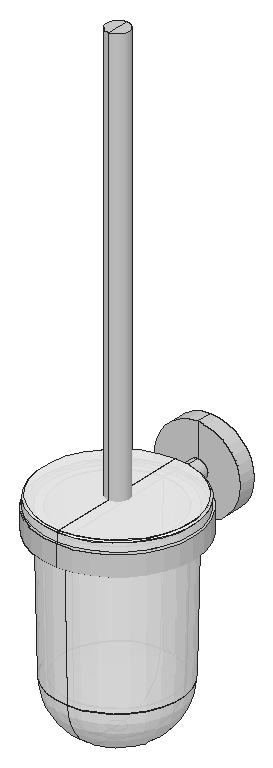
Revit family "Reece_Accessory_GROHE_Essentials_Toilet Brush and Holder", category Plumbing Fixtures, host Face, Revit 2018
Family settings
  Host = Face
  Round Connector Dimension = Use Diameter
  Part Type = Normal
  Cut with Voids When Loaded = Yes
  Shared = Yes
  Room Calculation Point = Yes
Parameters (values of type "Chrome_Glass")
  URL = "https://www.reece.com.au/product/-9506965"
  Type Comments = "Accessory"
  Reece_Product_Web Page = "https://www.reece.com.au/product/-9506965"
  Reece_Product_Type = "Accessory"  # constant formula
  Reece_Product_Sub Brand = "Essentials"  # constant formula
  Reece_Product_Number = "9506965"
  Reece_Product_Mount = "Wall Mounted"
  Reece_Product_Description = "GROHE Essentials Accessories Toilet Brush Holder Set"
  Reece_Product_Brand = "GROHE"  # constant formula
  Reece_Overall_Width = 96 mm  # constant formula
  Reece_Overall_Height = 398 mm  # constant formula
  Reece_Material_Secondary = Reece_Safety Glass_Opaque
  Reece_Material_Main = Reece_Brass_Chrome
  Reece_Height_From_Level [instance] = 200 mm
  Reece_Detail_Shape = ""
  Reece_Detail_Installation = ""
  Reece_Detail_Disclaimer = "THIS FILE IS THE PROPERTY OF THE REECE GROUP. IT MAY NOT BE REPRODUCED, REVERSE-ENGINEERED OR MODIFIED. ANY REPUBLICATION, TRANSMISSION OR DISTRIBUTION FOR THE PURPOSE OF COMMERCIALLY EXPLOITING THE FILES IS PROHIBITED."  # constant formula
  Reece_Detail_Connector = ""
  Reece_Detail_Additional = ""
  Reece_Accessory_Projection = 121 mm  # constant formula
  Model = "Essentials"
  Manufacturer = "GROHE"
  Keynote = "Product #9506965, Reece_Accessory_GROHE_Essentials_Toilet Brush and Holder - Chrome_Glass"
  Disclaimer = "THIS FILE IS THE PROPERTY OF THE REECE GROUP. IT MAY NOT BE REPRODUCED, REVERSE-ENGINEERED OR MODIFIED. ANY REPUBLICATION, TRANSMISSION OR DISTRIBUTION FOR THE PURPOSE OF COMMERCIALLY EXPLOITING THE FILES IS PROHIBITED."  # constant formula
  Description = "GROHE Essentials Accessories Toilet Brush Holder Set"
  Default Elevation = 0 mm
Types (2, lengths in mm): name | Keynote
  (no name) | "Product #9506965, Reece_Accessory_GROHE_Essentials_Toilet Brush and Holder -  "
  Chrome_Glass | "Product #9506965, Reece_Accessory_GROHE_Essentials_Toilet Brush and Holder - Chrome_Glass"
Reference planes
  plane 1 "Center (Front/Back)": y = 0
  plane 2 "Bottom Host Plane": z = -5
  plane 3 "Center (Left/Right)": x = 0
  plane 4 "Fixing Point": z = 200
  plane 5: y = -73
  plane 6: z = 476.37
  plane 7: z = 78.37
  plane 8: y = -121
  plane 9: x = -48
  plane 10: x = 48
Forms (mm)
  Revolve 1, solid, material "Reece_Brass_Chrome" <- "Reece_Material_Main"
    sketch origin (0, 0, 0) x (0, 1, 0) y (0, 0, 1)
      loop
        line (0, 200) -> (0, 227) -> (-10, 227) -> (-10, 200) -> (0, 200)
      axis (0, 200) -> (-10, 200)
    angle from 0 to 360
  Revolve 2, solid, material "Reece_Brass_Chrome" <- "Reece_Material_Main"
    sketch origin (0, 0, 0) x (0, 1, 0) y (0, 0, 1)
      loop
        line (-10, 200) -> (-10, 206) -> (-25, 206) -> (-25, 200) -> (-10, 200)
      axis (-10, 200) -> (-25, 200)
    angle from 0 to 360
  Extrusion 3, solid, material "Reece_Brass_Chrome" <- "Reece_Material_Main"
    sketch origin (0, 0, 200) x (0, -1, 0) y (1, 0, 0)
      loop
        circle (73, 0) r 48
      loop
        circle (73, 0) r 46
    from -6.5 to 6.5
  Revolve 4, solid, material "Reece_Brass_Chrome" <- "Reece_Material_Main"
    sketch origin (0, 0, -12.88) x (0, 1, 0) y (0, 0, 1)
      loop
        line (-73, 225.162) -> (-73, 489.25) -> (-80, 489.25) -> (-80, 225.162) -> (-73, 225.162)
      axis (-73, 225.162) -> (-73, 489.25)
    angle from 0 to 360
  Revolve 5, solid, material "Reece_Safety Glass_Opaque" <- "Reece_Material_Secondary"
    sketch origin (0, 0, -12.88) x (0, 1, 0) y (0, 0, 1)
      loop
        line (-73, 226.25) -> (-118.939, 226.25) -> (-120, 225.189) -> (-120, 219.989) -> (-73, 219.989) -> (-73, 226.25)
      axis (-73, 226.25) -> (-73, 219.989)
    angle from 0 to 360
  Revolve 6, solid, material "Reece_Safety Glass_Opaque" <- "Reece_Material_Secondary"
    sketch origin (0, 0, -12.88) x (0, 1, 0) y (0, 0, 1)
      loop
        line (-114.237, 220.1) -> (-112.131, 124.501)
        arc (-112.131, 124.501) -> (-101.914, 100.945) -> (-78.139, 91.25) r 34
        line (-78.139, 91.25) -> (-73, 91.25) -> (-73, 96.25) -> (-78.139, 96.25)
        arc (-78.139, 96.25) -> (-98.418, 104.519) -> (-107.132, 124.611) r 29
        line (-107.132, 124.611) -> (-109.236, 220.1) -> (-114.237, 220.1)
      axis (-73, 220.1) -> (-73, 91.25)
    angle from 0 to 360
Lines and regions (mm)
  model lines, style "InvisibleLines"
    curve 1: line (0, 0, -5) -> (0, 0, 200)
Text (mm)
  text "Reece ©" at (2619.389, -2358.621, 3038.802), in view "Reece Preview"
  text "Reece ©" at (1631.025, -1085.127, -1020.679), in view "Ref. Level"
Dimensions and locks
  locked: plane 2 "Bottom Host Plane" to level at 5
  "Reece_Height_From_Level": plane 4 "Fixing Point" to level
  "Reece_Overall_Height": plane 6 to plane 7
  "Reece_Accessory_Projection": plane 1 "Center (Front/Back)" to plane 8
  "Reece_Overall_Width": plane 9 to plane 10
  locked: plane 7 to plane 4 "Fixing Point" at 121.63
  aligned and locked: plane 4 "Fixing Point" to curve 1
Automatic sketch dimensions
  curve 1 to plane 3 "Center (Left/Right)" = 0 mm
  curve 1 to plane 2 "Bottom Host Plane" = 0 mm
  plane 4 "Fixing Point" to Revolve 1 sketch curve = 0 mm  (x2)
  Revolve 1 sketch curve to plane 1 "Center (Front/Back)" = 0 mm  (x2)
  plane 1 "Center (Front/Back)" to Revolve 1 sketch curve = 10 mm
  Revolve 1 sketch curve to Revolve 1 sketch curve = 27 mm
  Revolve 1 sketch curve to Revolve 1 sketch curve = 16.454 mm
  plane 4 "Fixing Point" to Revolve 2 sketch curve = 0 mm  (x2)
  Revolve 2 sketch curve to plane 4 "Fixing Point" = 6 mm
  plane 1 "Center (Front/Back)" to Revolve 2 sketch curve = 25 mm
  plane 1 "Center (Front/Back)" to Revolve 2 sketch curve = 10 mm
  Revolve 2 sketch curve to Revolve 2 sketch curve = 9.031 mm
  Revolve 2 sketch curve to Revolve 2 sketch curve = 0 mm
  Revolve 4 sketch curve to plane 5 = 0 mm  (x2)
  Revolve 4 sketch curve to plane 5 = 7 mm
  Revolve 4 sketch curve to plane 4 "Fixing Point" = 12.283 mm
  Revolve 4 sketch curve to Revolve 4 sketch curve = 264.088 mm
  plane 4 "Fixing Point" to Revolve 4 sketch curve = 38.63 mm
  Revolve 4 sketch curve to Revolve 4 sketch curve = 25 mm
  Revolve 5 sketch curve to plane 5 = 0 mm  (x2)
  Revolve 5 sketch curve to plane 4 "Fixing Point" = 13.37 mm
  Revolve 5 sketch curve to plane 5 = 45.939 mm
  Revolve 5 sketch curve to Revolve 5 sketch curve = 1.061 mm  (x2)
  Revolve 5 sketch curve to Revolve 5 sketch curve = 6.261 mm
  plane 4 "Fixing Point" to Revolve 5 sketch curve = 12.88 mm
  Revolve 5 sketch curve to Revolve 5 sketch curve = 37.689 mm
  Extrusion 3 sketch curve to Extrusion 3 sketch curve = 0 mm  (x2)
  Extrusion 3 sketch curve to plane 3 "Center (Left/Right)" = 0 mm
  Extrusion 3 sketch curve to plane 5 = 0 mm
  Revolve 6 sketch curve to Revolve 6 sketch curve = 0 mm  (x4)
  plane 7 to Revolve 6 sketch curve = 0 mm
  Revolve 6 sketch curve to plane 5 = 0 mm  (x2)
  Revolve 6 sketch curve to plane 5 = 5.139 mm
  plane 8 to Revolve 6 sketch curve = 11.764 mm
  plane 8 to Revolve 6 sketch curve = 8.869 mm
  Revolve 6 sketch curve to Revolve 6 sketch curve = 5.001 mm
  Revolve 6 sketch curve to plane 7 = 33.251 mm
  Revolve 6 sketch curve to plane 4 "Fixing Point" = 7.22 mm
  Revolve 6 sketch curve to Revolve 6 sketch curve = 4.999 mm
  Revolve 6 sketch curve to Revolve 6 sketch curve = 5 mm
  Revolve 6 sketch curve to Revolve 6 sketch curve = 40.684 mm
  Revolve 6 sketch curve to plane 4 "Fixing Point" = 18.37 mm
  radius of Extrusion 3 sketch curve = 48 mm
  radius of Extrusion 3 sketch curve = 46 mm
